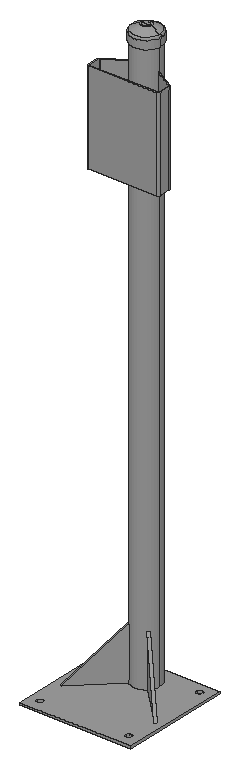
Revit family "FireFighting_Mounting-Post_Galvin_383263", category Mechanical Equipment, Revit 2012
Parameters (values of type "383263")
  URL = "www.galvinengineering.com.au"
  Type Comments = "383263"
  StyleOrType_ANZRS = "Fire Fighting Equipment"
  ModifiedIssue_ANZRS = 20140514.01  # constant formula
  Model = "383263"
  Material = Metal_Fire-Fighting_Galvanised-Iron_15400
  Manufacturer = "Galvin Engineering"
  Keynote = "10520"
  Instructions = "http://www.galvinengineering.com.au/Installation_Guides_1.aspx"
  FilterObject_ANZRS = "383263"
  DimWidth = 300.0 mm  # constant formula
  DimHeight = 1600.0 mm  # constant formula
  DimDepth = 300.0 mm  # constant formula
  Description = "Galvanised Bolt Down Mounting Post for Fire Hose Reels"
  CreatedBy_ANZRS = "Galvin Engineering"
  CreatedByURL_ANZRS = "www.galvinengineering.com.au"
  CreatedByPhoneNo_ANZRS = "61-8-92495900"
  Assembly Code = "D4030"
Reference planes
  plane 1 "Center (Front/Back)": y = 0
  plane 2 "Ground": z = 0
  plane 3 "Center (Left/Right)": x = 0
  plane 4: z = 1600
  plane 5 "Left": x = -150
  plane 6 "Right": x = 150
  plane 7 "Back": y = 150
  plane 8 "Front": y = -150
Forms (mm)
  Extrusion 1, solid, material "Metal_Fire-Fighting_Galvanised-Iron_15400" <- "Material"
    sketch origin (0, 0, 0) x (1, 0, 0) y (0, 1, 0)
      loop
        line (-150, 150) -> (-150, -150) -> (150, -150) -> (150, 150) -> (-150, 150)
      loop
        circle (-120, -120) r 8
      loop
        circle (120, -120) r 8
      loop
        circle (120, 120) r 8
      loop
        circle (-120, 120) r 8
    from 0 to 6
  Revolve 2, solid, material "Metal_Fire-Fighting_Galvanised-Iron_15400" <- "Material"
    sketch origin (0, 89.5, 0) x (-1, 0, 0) y (0, 0, 1)
      loop
        arc (-11.039, 1600) -> (-12.458, 1599.83) -> (-13.798, 1599.328) r 6
        line (-13.798, 1599.328) -> (-37.259, 1587.178)
        arc (-37.259, 1587.178) -> (-39.626, 1584.968) -> (-40.5, 1581.85) r 6
        line (-40.5, 1581.85) -> (-40.5, 1560) -> (-37.72, 1560) -> (-37.72, 0) -> (0, 0) -> (0, 1600) -> (-11.039, 1600)
      axis (0, 1600) -> (0, 0)
    angle from 0 to 360
  Extrusion 3, solid, material "Metal_Fire-Fighting_Galvanised-Iron_15400" <- "Material"
    sketch origin (-5.413, 88.086, 0) x (0.707107, 0.707107, 0) y (0, 0, 1)
      loop
        line (-25.848, 6) -> (-25.848, 156) -> (-175.848, 6) -> (-25.848, 6)
    from 0 to 6
  Extrusion 4, solid, material "Metal_Fire-Fighting_Galvanised-Iron_15400" <- "Material"
    sketch origin (5.413, 88.086, 0) x (-0.707107, 0.707107, 0) y (0, 0, -1)
      loop
        line (-25.848, -6) -> (-175.848, -6) -> (-25.848, -156) -> (-25.848, -6)
    from 0 to 6
  Extrusion 5, solid, material "Metal_Fire-Fighting_Galvanised-Iron_15400" <- "Material"
    sketch origin (0, 0, 0) x (1, 0, 0) y (0, 1, 0)
      loop
        line (-92.831, 47.636) -> (-36.766, 82.21) -> (-38.489, 84.672) -> (-94.406, 50.19)
        arc (-94.406, 50.19) -> (-96.496, 48.007) -> (-97.257, 45.083) r 6
        line (-97.257, 45.083) -> (-97.257, 16.432)
        arc (-97.257, 16.432) -> (-95.499, 12.189) -> (-91.257, 10.432) r 6
        line (-91.257, 10.432) -> (91.743, 10.432)
        arc (91.743, 10.432) -> (95.986, 12.189) -> (97.743, 16.432) r 6
        line (97.743, 16.432) -> (97.743, 45.083)
        arc (97.743, 45.083) -> (96.982, 48.007) -> (94.893, 50.19) r 6
        line (94.893, 50.19) -> (38.976, 84.672) -> (37.252, 82.21) -> (93.318, 47.636)
        arc (93.318, 47.636) -> (94.363, 46.545) -> (94.743, 45.083) r 3
        line (94.743, 45.083) -> (94.743, 16.432)
        arc (94.743, 16.432) -> (93.865, 14.311) -> (91.743, 13.432) r 3
        line (91.743, 13.432) -> (-91.257, 13.432)
        arc (-91.257, 13.432) -> (-93.378, 14.311) -> (-94.257, 16.432) r 3
        line (-94.257, 16.432) -> (-94.257, 45.083)
        arc (-94.257, 45.083) -> (-93.876, 46.545) -> (-92.831, 47.636) r 3
    from 1250 to 1500
Cuts and joins
  joined: Extrusion 1, Revolve 2, Extrusion 3, Extrusion 4, Extrusion 5
Lines and regions (mm)
  symbolic lines
    curve 1: line (-97.257, 0, 1500) -> (-97.257, 0, 1250)
    curve 2: line (97.743, 0, 1250) -> (97.743, 0, 1500)
  symbolic lines, detail levels fine
    curve 3: circle (-59.767, 0, 1470) r 6.5 normal (0, -1, 0)
    curve 4: line (-59.767, 0, 1479.5) -> (-59.767, 0, 1460.5)
    curve 5: line (-50.267, 0, 1470) -> (-69.267, 0, 1470)
    curve 6: circle (-45, 0, 1488) r 6.5 normal (0, -1, 0)
    curve 7: line (-45, 0, 1497.5) -> (-45, 0, 1478.5)
    curve 8: line (-35.5, 0, 1488) -> (-54.5, 0, 1488)
    curve 9: circle (-29, 0, 1436) r 6.5 normal (0, -1, 0)
    curve 10: line (-29, 0, 1445.5) -> (-29, 0, 1426.5)
    curve 11: line (-19.5, 0, 1436) -> (-38.5, 0, 1436)
    curve 12: circle (-73, 0, 1425) r 6.5 normal (0, -1, 0)
    curve 13: line (-73, 0, 1434.5) -> (-73, 0, 1415.5)
    curve 14: line (-63.5, 0, 1425) -> (-82.5, 0, 1425)
    curve 15: circle (59.767, 0, 1470) r 6.5 normal (0, 1, 0)
    curve 16: line (59.767, 0, 1479.5) -> (59.767, 0, 1460.5)
    curve 17: line (50.267, 0, 1470) -> (69.267, 0, 1470)
    curve 18: circle (45, 0, 1488) r 6.5 normal (0, 1, 0)
    curve 19: line (45, 0, 1497.5) -> (45, 0, 1478.5)
    curve 20: line (35.5, 0, 1488) -> (54.5, 0, 1488)
    curve 21: circle (29, 0, 1436) r 6.5 normal (0, 1, 0)
    curve 22: line (29, 0, 1445.5) -> (29, 0, 1426.5)
    curve 23: line (19.5, 0, 1436) -> (38.5, 0, 1436)
    curve 24: circle (73, 0, 1425) r 6.5 normal (0, 1, 0)
    curve 25: line (73, 0, 1434.5) -> (73, 0, 1415.5)
    curve 26: line (63.5, 0, 1425) -> (82.5, 0, 1425)
    curve 27: circle (-59.767, 0, 1280) r 6.5 normal (0, 1, 0)
    curve 28: line (-59.767, 0, 1270.5) -> (-59.767, 0, 1289.5)
    curve 29: line (-50.267, 0, 1280) -> (-69.267, 0, 1280)
    curve 30: circle (-45, 0, 1262) r 6.5 normal (0, 1, 0)
    curve 31: line (-45, 0, 1252.5) -> (-45, 0, 1271.5)
    curve 32: line (-35.5, 0, 1262) -> (-54.5, 0, 1262)
    curve 33: circle (-29, 0, 1314) r 6.5 normal (0, 1, 0)
    curve 34: line (-29, 0, 1304.5) -> (-29, 0, 1323.5)
    curve 35: line (-19.5, 0, 1314) -> (-38.5, 0, 1314)
    curve 36: circle (-73, 0, 1325) r 6.5 normal (0, 1, 0)
    curve 37: line (-73, 0, 1315.5) -> (-73, 0, 1334.5)
    curve 38: line (-63.5, 0, 1325) -> (-82.5, 0, 1325)
    curve 39: circle (59.767, 0, 1280) r 6.5 normal (0, -1, 0)
    curve 40: line (59.767, 0, 1270.5) -> (59.767, 0, 1289.5)
    curve 41: line (50.267, 0, 1280) -> (69.267, 0, 1280)
    curve 42: circle (45, 0, 1262) r 6.5 normal (0, -1, 0)
    curve 43: line (45, 0, 1252.5) -> (45, 0, 1271.5)
    curve 44: line (35.5, 0, 1262) -> (54.5, 0, 1262)
    curve 45: circle (29, 0, 1314) r 6.5 normal (0, -1, 0)
    curve 46: line (29, 0, 1304.5) -> (29, 0, 1323.5)
    curve 47: line (19.5, 0, 1314) -> (38.5, 0, 1314)
    curve 48: circle (73, 0, 1325) r 6.5 normal (0, -1, 0)
    curve 49: line (73, 0, 1315.5) -> (73, 0, 1334.5)
    curve 50: line (63.5, 0, 1325) -> (82.5, 0, 1325)
Dimensions and locks
  "DimHeight": plane 4 to plane 2 "Ground"
  "DimWidth": plane 5 "Left" to plane 6 "Right"
  "DimDepth": plane 8 "Front" to plane 7 "Back"
  aligned and locked: plane 2 "Ground" to level
  aligned and locked: plane 5 "Left" to Extrusion 1 sketch curve
  aligned and locked: plane 6 "Right" to Extrusion 1 sketch curve
  aligned and locked: Revolve 2 sketch curve to plane 4
  aligned and locked: Revolve 2 sketch curve to plane 2 "Ground"
  aligned and locked: Revolve 2 sketch curve to plane 3 "Center (Left/Right)"  (x2)
Automatic sketch dimensions
  Extrusion 1 sketch curve to plane 8 "Front" = 0.0 mm
  plane 7 "Back" to Extrusion 1 sketch curve = 0.0 mm
  Extrusion 1 sketch curve to plane 5 "Left" = 30.0 mm  (x2)
  Extrusion 1 sketch curve to plane 6 "Right" = 30.0 mm  (x2)
  plane 8 "Front" to Extrusion 1 sketch curve = 30.0 mm  (x2)
  plane 7 "Back" to Extrusion 1 sketch curve = 30.0 mm  (x2)
  Revolve 2 sketch curve to Revolve 2 sketch curve = 11.039 mm
  plane 4 to Revolve 2 sketch curve = 0.672 mm
  Revolve 2 sketch curve to Revolve 2 sketch curve = 2.759 mm  (x2)
  Revolve 2 sketch curve to Revolve 2 sketch curve = 23.461 mm
  Revolve 2 sketch curve to Revolve 2 sketch curve = 37.72 mm
  Revolve 2 sketch curve to Revolve 2 sketch curve = 2.78 mm
  Revolve 2 sketch curve to level = 180.0 mm
  level to Revolve 2 sketch curve = 360.0 mm
  plane 4 to Revolve 2 sketch curve = 40.0 mm
  plane 4 to Revolve 2 sketch curve = 18.15 mm
  level to Extrusion 3 sketch curve = 6.0 mm
  Extrusion 3 sketch curve to Extrusion 3 sketch curve = 150.0 mm  (x2)
  level to Extrusion 4 sketch curve = 6.0 mm
  Extrusion 4 sketch curve to Extrusion 4 sketch curve = 150.0 mm  (x2)
  Extrusion 5 sketch curve to Extrusion 5 sketch curve = 0.0 mm  (x9)
  Extrusion 5 sketch curve to plane 5 "Left" = 52.743 mm
  Extrusion 5 sketch curve to Extrusion 5 sketch curve = 2.851 mm
  Extrusion 5 sketch curve to Extrusion 5 sketch curve = 3.0 mm  (x2)
  Extrusion 5 sketch curve to Extrusion 5 sketch curve = 1.425 mm  (x2)
  Extrusion 5 sketch curve to Extrusion 5 sketch curve = 1.575 mm  (x3)
  Extrusion 5 sketch curve to plane 3 "Center (Left/Right)" = 38.489 mm
  Extrusion 5 sketch curve to Extrusion 5 sketch curve = 1.724 mm  (x2)
  plane 3 "Center (Left/Right)" to Extrusion 5 sketch curve = 37.252 mm
  Extrusion 5 sketch curve to plane 1 "Center (Front/Back)" = 16.432 mm
  Extrusion 5 sketch curve to plane 6 "Right" = 58.257 mm
  Extrusion 5 sketch curve to Extrusion 5 sketch curve = 28.651 mm  (x2)
  Extrusion 5 sketch curve to Extrusion 5 sketch curve = 34.574 mm  (x2)
  Extrusion 5 sketch curve to Extrusion 5 sketch curve = 2.462 mm  (x2)
  curve 1 to plane 5 "Left" = 52.743 mm
  curve 14 to plane 5 "Left" = 67.5 mm
  curve 38 to plane 5 "Left" = 67.5 mm
  curve 38 to curve 37 = 9.5 mm
  curve 38 to curve 36 = 9.5 mm
  curve 14 to curve 13 = 9.5 mm
  curve 14 to curve 12 = 9.5 mm
  curve 13 to curve 5 = 3.733 mm
  curve 37 to curve 29 = 3.733 mm
  curve 36 to curve 38 = 9.5 mm
  curve 12 to curve 14 = 9.5 mm
  curve 29 to curve 28 = 9.5 mm
  curve 29 to curve 27 = 9.5 mm
  curve 5 to curve 3 = 9.5 mm
  curve 3 to curve 4 = 0.0 mm
  curve 28 to curve 32 = 5.267 mm
  curve 4 to curve 8 = 5.267 mm
  curve 27 to curve 29 = 9.5 mm
  curve 3 to curve 5 = 9.5 mm
  curve 5 to curve 7 = 5.267 mm
  curve 32 to curve 31 = 9.5 mm
  curve 8 to curve 6 = 9.5 mm
  curve 32 to curve 30 = 9.5 mm
  curve 14 to curve 11 = 25.0 mm
  curve 38 to curve 35 = 25.0 mm
  curve 30 to curve 32 = 9.5 mm
  curve 6 to curve 8 = 9.5 mm
  curve 11 to curve 10 = 9.5 mm
  curve 35 to curve 34 = 9.5 mm
  curve 11 to curve 9 = 9.5 mm
  curve 35 to curve 33 = 9.5 mm
  curve 33 to curve 35 = 9.5 mm
  curve 9 to curve 11 = 9.5 mm
  plane 3 "Center (Left/Right)" to curve 23 = 19.5 mm
  plane 3 "Center (Left/Right)" to curve 47 = 19.5 mm
  curve 23 to curve 22 = 9.5 mm
  curve 22 to curve 21 = 0.0 mm
  curve 47 to curve 46 = 9.5 mm
  curve 45 to curve 46 = 0.0 mm
  plane 3 "Center (Left/Right)" to curve 20 = 35.5 mm
  plane 3 "Center (Left/Right)" to curve 44 = 35.5 mm
  curve 45 to curve 47 = 9.5 mm
  curve 21 to curve 23 = 9.5 mm
  curve 20 to curve 19 = 9.5 mm
  curve 19 to curve 18 = 0.0 mm
  curve 44 to curve 43 = 9.5 mm
  curve 42 to curve 43 = 0.0 mm
  curve 43 to curve 41 = 5.267 mm
  curve 19 to curve 17 = 5.267 mm
  curve 18 to curve 20 = 9.5 mm
  curve 42 to curve 44 = 9.5 mm
  curve 44 to curve 40 = 5.267 mm
  curve 17 to curve 15 = 9.5 mm
  curve 16 to curve 15 = 0.0 mm
  curve 39 to curve 40 = 0.0 mm
  curve 23 to curve 26 = 25.0 mm
  curve 47 to curve 50 = 25.0 mm
  curve 39 to curve 41 = 9.5 mm
  curve 15 to curve 17 = 9.5 mm
  curve 26 to curve 25 = 9.5 mm
  curve 25 to curve 24 = 0.0 mm
  curve 50 to curve 49 = 9.5 mm
  curve 48 to curve 49 = 0.0 mm
  curve 48 to curve 50 = 9.5 mm
  curve 24 to curve 26 = 9.5 mm
  curve 17 to curve 2 = 28.476 mm
  plane 4 to curve 1 = 350.0 mm
  curve 2 to curve 1 = 0.0 mm
  curve 2 to curve 43 = 2.5 mm
  curve 1 to curve 31 = 2.5 mm
  curve 43 to curve 44 = 9.5 mm
  curve 42 to curve 44 = 0.0 mm
  curve 31 to curve 30 = 9.5 mm
  curve 32 to curve 30 = 0.0 mm
  curve 32 to curve 28 = 8.5 mm
  curve 44 to curve 40 = 8.5 mm
  curve 42 to curve 43 = 9.5 mm
  curve 30 to curve 31 = 9.5 mm
  curve 40 to curve 39 = 9.5 mm
  curve 28 to curve 29 = 9.5 mm
  curve 41 to curve 39 = 0.0 mm
  curve 27 to curve 29 = 0.0 mm
  curve 27 to curve 28 = 9.5 mm
  curve 39 to curve 40 = 9.5 mm
  curve 41 to curve 46 = 24.5 mm
  curve 29 to curve 34 = 24.5 mm
  curve 46 to curve 45 = 9.5 mm
  curve 34 to curve 33 = 9.5 mm
  curve 47 to curve 45 = 0.0 mm
  curve 35 to curve 33 = 0.0 mm
  curve 28 to curve 37 = 26.0 mm
  curve 40 to curve 49 = 26.0 mm
  curve 33 to curve 34 = 9.5 mm
  curve 45 to curve 46 = 9.5 mm
  curve 37 to curve 38 = 9.5 mm
  curve 49 to curve 50 = 9.5 mm
  curve 36 to curve 38 = 0.0 mm
  curve 48 to curve 50 = 0.0 mm
  curve 48 to curve 49 = 9.5 mm
  curve 36 to curve 37 = 9.5 mm
  curve 37 to curve 13 = 81.0 mm
  curve 49 to curve 25 = 81.0 mm
  curve 13 to curve 12 = 9.5 mm
  curve 14 to curve 12 = 0.0 mm
  curve 25 to curve 26 = 9.5 mm
  curve 24 to curve 26 = 0.0 mm
  curve 14 to curve 10 = 1.5 mm
  curve 26 to curve 22 = 1.5 mm
  curve 12 to curve 13 = 9.5 mm
  curve 24 to curve 25 = 9.5 mm
  curve 22 to curve 23 = 9.5 mm
  curve 10 to curve 11 = 9.5 mm
  curve 21 to curve 23 = 0.0 mm
  curve 9 to curve 11 = 0.0 mm
  curve 21 to curve 22 = 9.5 mm
  curve 9 to curve 10 = 9.5 mm
  curve 13 to curve 4 = 26.0 mm
  curve 25 to curve 16 = 26.0 mm
  curve 16 to curve 17 = 9.5 mm
  curve 15 to curve 17 = 0.0 mm
  curve 4 to curve 3 = 9.5 mm
  curve 5 to curve 3 = 0.0 mm
  curve 17 to curve 19 = 8.5 mm
  curve 5 to curve 7 = 8.5 mm
  curve 3 to curve 4 = 9.5 mm
  curve 15 to curve 16 = 9.5 mm
  curve 4 to curve 8 = 8.5 mm
  curve 6 to curve 8 = 0.0 mm
  curve 19 to curve 20 = 9.5 mm
  curve 18 to curve 20 = 0.0 mm
  curve 18 to curve 19 = 9.5 mm
  curve 6 to curve 7 = 9.5 mm
  curve 5 to curve 1 = 30.0 mm
  curve 17 to curve 2 = 30.0 mm
  radius of Extrusion 1 sketch curve = 8.0 mm  (x4)
  radius of curve 3 = 6.5 mm
  radius of curve 6 = 6.5 mm
  radius of curve 9 = 6.5 mm
  radius of curve 12 = 6.5 mm
  radius of curve 15 = 6.5 mm
  radius of curve 18 = 6.5 mm
  radius of curve 21 = 6.5 mm
  radius of curve 24 = 6.5 mm
  radius of curve 27 = 6.5 mm
  radius of curve 30 = 6.5 mm
  radius of curve 33 = 6.5 mm
  radius of curve 36 = 6.5 mm
  radius of curve 39 = 6.5 mm
  radius of curve 42 = 6.5 mm
  radius of curve 45 = 6.5 mm
  radius of curve 48 = 6.5 mm
